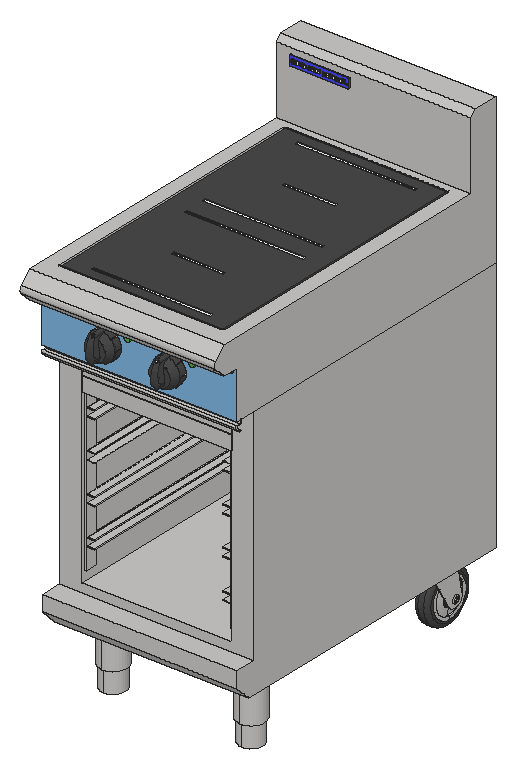
Revit family "QF_Moffat_IN512R3-CB_Induction_Cooktop_cat", category Specialty Equipment, Revit 2019 (continued)
Definition of nested family "6 INCHES 02_CASTER"
  Forms (mm)
    Revolve 1, solid, visible <- "Show Casters"
      sketch origin (-56.335, 0, -6.35) x (-1, 0, 0) y (0, 0, 1)
        loop
          line (-56.335, 152.4) -> (-56.335, 141.118) -> (-23.798, 141.118) -> (-23.798, 152.4) -> (-56.335, 152.4)
        axis (-56.335, 141.118) -> (-56.335, 152.4)
      angle from 0 to 360
    Extrusion 2, solid, visible <- "Show Casters"
      sketch origin (6.501, 53.083, -4.762) x (0, 1, 0) y (0, 0, 1)
        loop
          line (-85.799, 139.531) -> (-85.799, 133.181) -> (-42.478, 58.614)
          arc (-42.478, 58.614) -> (-16.638, 50.199) -> (-6.442, 75.39) r 19.923
          line (-6.442, 75.39) -> (-20.366, 139.531) -> (-85.799, 139.531)
      from 20.058 to 22.923
    Extrusion 3, solid, visible <- "Show Casters"
      sketch origin (0, 0, 146.05) x (0, 1, 0) y (-1, 0, 0)
        loop
          circle (0, 0) r 19.05
      from 0 to 3.95
    Extrusion 4, solid, visible <- "Show Casters"
      sketch origin (-6.501, 53.083, -4.762) x (0, 1, 0) y (0, 0, -1)
        loop
          line (-85.799, -133.181) -> (-85.799, -139.531) -> (-20.366, -139.531) -> (-6.442, -75.39)
          arc (-6.442, -75.39) -> (-16.638, -50.199) -> (-42.478, -58.614) r 19.923
          line (-42.478, -58.614) -> (-85.799, -133.181)
      from 20.058 to 22.923
    Extrusion 5, solid, visible <- "Show Casters"
      sketch origin (0, -3.253, 19.05) x (0, 1, 0) y (0, 0, 1)
        loop
          line (-29.464, 115.718) -> (-29.464, 109.368) -> (35.969, 109.368) -> (35.969, 115.718) -> (-29.464, 115.718)
      from -26.559 to 26.559
    Revolve 6, solid, visible <- "Show Casters"
      sketch origin (-49.213, 28.39, -3.252) x (1, 0, 0) y (0, 0, 1)
        loop
          line (14.841, 65.192) -> (14.841, 61.686) -> (16.111, 60.416) -> (17.635, 60.416) -> (17.635, 56.97) -> (29.782, 56.97) -> (29.782, 46.925) -> (33.069, 45.027) -> (36.232, 25.477) -> (32.544, 25.477) -> (32.544, 19.127) -> (33.338, 19.127) -> (33.338, 12.777)
          arc (33.338, 12.777) -> (36.127, 6.041) -> (42.863, 3.252) r 9.525
          line (42.863, 3.252) -> (55.563, 3.252)
          arc (55.563, 3.252) -> (62.298, 6.041) -> (65.088, 12.777) r 9.525
          line (65.088, 12.777) -> (65.088, 19.127) -> (65.881, 19.127) -> (65.881, 25.477) -> (62.193, 25.477) -> (65.371, 45.116) -> (68.644, 47.006) -> (68.644, 56.97) -> (80.79, 56.97) -> (80.79, 60.416) -> (82.314, 60.416) -> (83.584, 61.686) -> (83.584, 65.192) -> (14.841, 65.192)
        axis (14.841, 65.192) -> (83.584, 65.192)
      angle from 0 to 360
  Cuts and joins
    joined: Extrusion 2, Extrusion 4, Extrusion 5
  Lines and regions (mm)
    symbolic lines, visible <- "Show Casters"
      curve 1: line (11.652, 51.878, 0) -> (39.148, 36.003, 0)
      curve 2: line (-39.148, -36.11, 0) -> (-20.098, -3.115, 0)
      curve 3: line (-11.652, -51.985, 0) -> (-39.148, -36.11, 0)
      curve 4: line (39.148, 36.003, 0) -> (20.098, 3.007, 0)
      curve 5: line (-7.398, 18.882, 0) -> (11.652, 51.878, 0)
      curve 6: line (7.398, -18.99, 0) -> (-11.652, -51.985, 0)
  Dimensions and locks
    plane 6 "TOP" to level = 150 mm  (x2)
    aligned and locked: level to plane 2
Definition of nested family "Knob"
  Parameters (values of type "Knob")
    Weight in Pounds = 0
    URL Cutsheet = ""
    Specification by User = ""
    Specification by Manufacturer = ""
    Serial Number = ""
    Seismic Rating = ""
    SMACNA No = ""
    Revision Code = ""
    NAFEM Spec ID Number = ""
    Masterspec = ""
    Length = 65 mm
    Item Number = ""
    Installed By = ""
    Identify Quantity as Lot = yes
    Height = 69.5 mm
    Furnished By = ""
    Foodservice Equipment Identifier = yes
    Depth = 59 mm
    CSI MasterFormat = ""
  Reference planes
    plane 1 "BACK": y = 0
    plane 2: z = 0
    plane 3 "LEFT": x = 0
    plane 4 "RIGHT": x = 65
    plane 5 "FRONT": y = -59
    plane 6 "TOP": z = 69.5
    plane 7 "Center Y": x = 32.5
    plane 8 "Center X": y = -29.5
  Forms (mm)
    Revolve 1, solid
      sketch origin (32.5, 175.397, 1219.2) x (0, 1, 0) y (0, 0, 1)
        loop
          line (-175.397, -1186.7) -> (-219.397, -1186.7) -> (-219.397, -1211.501) -> (-202.106, -1219.2) -> (-185.397, -1219.2) -> (-185.397, -1191.7) -> (-175.397, -1191.7) -> (-175.397, -1186.7)
        axis (-219.397, -1186.7) -> (-175.397, -1186.7)
      angle from 0 to 360
    Extrusion 2, solid
      sketch origin (32.5, 175.397, 1219.2) x (0, 1, 0) y (0, 0, 1)
        loop
          line (-202.106, -1154.2) -> (-185.397, -1154.2) -> (-185.397, -1149.7) -> (-224.105, -1149.7)
          arc (-224.105, -1149.7) -> (-233.965, -1178.467) -> (-230.696, -1208.7) r 70
          line (-230.696, -1208.7) -> (-219.397, -1208.7) -> (-219.397, -1161.899) -> (-202.106, -1154.2)
      from -15 to 15
    Extrusion 3, void
      sketch origin (0, 0, 0) x (1, 0, 0) y (0, 0, 1)
        loop
          line (27.501, 64.613) -> (22.02, 20.585)
          arc (22.02, 20.585) -> (32.792, 10.488) -> (42.986, 21.169) r 10.487
          line (42.986, 21.169) -> (37.499, 64.613)
          arc (37.499, 64.613) -> (32.5, 69.5) -> (27.501, 64.613) r 5
        loop
          line (10, 72.977) -> (10, 5.625) -> (55, 5.625) -> (55, 72.977) -> (10, 72.977)
      from 6.142 to 69.687
    Extrusion 4, solid
      sketch origin (0, -34.115, -16.916) x (1, 0, 0) y (0, 0.45399, 0.891007)
        loop
          circle (32.497, 65) r 2
      from 51.525 to 53.075
    Extrusion 5, solid
      sketch origin (32.5, -10, 32.5) x (0, 0, -1) y (-1, 0, 0)
        loop
          line (-23.54, -22.408) -> (-24.106, -22.974)
          arc (-24.106, -22.974) -> (-23.547, -23.547) -> (-22.974, -24.106) r 33.3
          line (-22.974, -24.106) -> (-22.408, -23.54)
          arc (-22.408, -23.54) -> (-22.981, -22.981) -> (-23.54, -22.408) r 32.5
        loop
          arc (-0.8, -33.29) -> (0, -33.3) -> (0.8, -33.29) r 33.3
          line (0.8, -33.29) -> (0.8, -32.49)
          arc (0.8, -32.49) -> (0, -32.5) -> (-0.8, -32.49) r 32.5
          line (-0.8, -32.49) -> (-0.8, -33.29)
        loop
          arc (23.54, -22.408) -> (22.981, -22.981) -> (22.408, -23.54) r 32.5
          line (22.408, -23.54) -> (22.974, -24.106)
          arc (22.974, -24.106) -> (23.547, -23.547) -> (24.106, -22.974) r 33.3
          line (24.106, -22.974) -> (23.54, -22.408)
        loop
          arc (-23.54, 22.408) -> (-22.981, 22.981) -> (-22.408, 23.54) r 32.5
          line (-22.408, 23.54) -> (-22.974, 24.106)
          arc (-22.974, 24.106) -> (-23.547, 23.547) -> (-24.106, 22.974) r 33.3
          line (-24.106, 22.974) -> (-23.54, 22.408)
        loop
          line (-0.8, 33.29) -> (-0.8, 32.49)
          arc (-0.8, 32.49) -> (0, 32.5) -> (0.8, 32.49) r 32.5
          line (0.8, 32.49) -> (0.8, 33.29)
          arc (0.8, 33.29) -> (0, 33.3) -> (-0.8, 33.29) r 33.3
        loop
          line (32.49, -0.8) -> (33.29, -0.8)
          arc (33.29, -0.8) -> (33.3, 0) -> (33.29, 0.8) r 33.3
          line (33.29, 0.8) -> (32.49, 0.8)
          arc (32.49, 0.8) -> (32.5, 0) -> (32.49, -0.8) r 32.5
        loop
          arc (24.106, 22.974) -> (23.547, 23.547) -> (22.974, 24.106) r 33.3
          line (22.974, 24.106) -> (22.408, 23.54)
          arc (22.408, 23.54) -> (22.981, 22.981) -> (23.54, 22.408) r 32.5
          line (23.54, 22.408) -> (24.106, 22.974)
      from 0 to -16.709
  Cuts and joins
    Extrusion 3 cuts Extrusion 2
  Dimensions and locks
    equal spacing: plane 3 "LEFT", plane 7 "Center Y", plane 4 "RIGHT"
    "Length": plane 3 "LEFT" to plane 4 "RIGHT"
    equal spacing: plane 5 "FRONT", plane 8 "Center X", plane 1 "BACK"
    "Depth": plane 5 "FRONT" to plane 1 "BACK"
    "Height": plane 6 "TOP" to level
    plane 4 "RIGHT" to plane 3 "LEFT" = 65 mm
    aligned and locked: level to plane 2
  Automatic sketch dimensions
    Revolve 1 sketch curve to level = 0 mm
    Revolve 1 sketch curve to plane 1 "BACK" = 0 mm  (x2)
    plane 1 "BACK" to Revolve 1 sketch curve = 10 mm
    plane 8 "Center X" to Revolve 1 sketch curve = 2.791 mm
    Revolve 1 sketch curve to plane 8 "Center X" = 14.5 mm
    level to Revolve 1 sketch curve = 7.699 mm
    level to Revolve 1 sketch curve = 27.5 mm
    Revolve 1 sketch curve to Revolve 1 sketch curve = 5 mm
    Revolve 1 sketch curve to Revolve 1 sketch curve = 35 mm
    Revolve 1 sketch curve to Revolve 1 sketch curve = 0 mm
    Extrusion 2 sketch curve to plane 6 "TOP" = 0 mm
    Extrusion 2 sketch curve to plane 5 "FRONT" = 3.702 mm
    Extrusion 2 sketch curve to plane 5 "FRONT" = 10.293 mm
    Extrusion 2 sketch curve to Extrusion 2 sketch curve = 11.298 mm
    plane 8 "Center X" to Extrusion 2 sketch curve = 2.791 mm
    plane 1 "BACK" to Extrusion 2 sketch curve = 10 mm
    Extrusion 2 sketch curve to plane 1 "BACK" = 11 mm
    Extrusion 2 sketch curve to plane 6 "TOP" = 4.5 mm
    Extrusion 2 sketch curve to plane 6 "TOP" = 12.199 mm
    level to Extrusion 2 sketch curve = 32.962 mm
    level to Extrusion 3 sketch curve = 5.625 mm
    Extrusion 3 sketch curve to plane 7 "Center Y" = 0 mm  (x2)
    Extrusion 3 sketch curve to plane 7 "Center Y" = 4.999 mm
    Extrusion 3 sketch curve to plane 7 "Center Y" = 10.48 mm
    plane 6 "TOP" to Extrusion 3 sketch curve = 3.477 mm
    plane 3 "LEFT" to Extrusion 3 sketch curve = 10 mm
    Extrusion 3 sketch curve to plane 6 "TOP" = 4.887 mm
    Extrusion 3 sketch curve to Extrusion 3 sketch curve = 4.999 mm
    plane 7 "Center Y" to Extrusion 3 sketch curve = 10.486 mm
    level to Extrusion 3 sketch curve = 20.585 mm
    Extrusion 3 sketch curve to Extrusion 3 sketch curve = 0.387 mm
    Extrusion 3 sketch curve to Extrusion 3 sketch curve = 0.113 mm
    plane 4 "RIGHT" to Extrusion 3 sketch curve = 10 mm
    Extrusion 5 sketch curve to Revolve 1 = 32.49 mm
    Revolve 1 to Extrusion 5 sketch curve = 32.49 mm
    Extrusion 5 sketch curve to Revolve 1 = 23.54 mm  (x2)
    Revolve 1 to Extrusion 5 sketch curve = 23.54 mm  (x2)
    Extrusion 5 sketch curve to Revolve 1 = 24.106 mm  (x2)
    Revolve 1 to Extrusion 5 sketch curve = 24.106 mm  (x2)
    Revolve 1 to Extrusion 5 sketch curve = 22.408 mm  (x2)
    Extrusion 5 sketch curve to Revolve 1 = 22.408 mm  (x2)
    Revolve 1 to Extrusion 5 sketch curve = 22.974 mm  (x2)
    Extrusion 5 sketch curve to Revolve 1 = 22.974 mm  (x2)
    Extrusion 5 sketch curve to Extrusion 5 sketch curve = 1.6 mm  (x2)
    Revolve 1 to Extrusion 5 sketch curve = 0.8 mm
    Extrusion 5 sketch curve to Revolve 1 = 0.8 mm
    Extrusion 4 sketch curve to plane 7 "Center Y" = 0.003 mm
    radius of Extrusion 5 sketch curve to Revolve 1 = 0 mm  (x7)
    radius of Revolve 1 to Extrusion 5 sketch curve = 0.8 mm  (x7)
    radius of Extrusion 4 sketch curve = 2 mm
